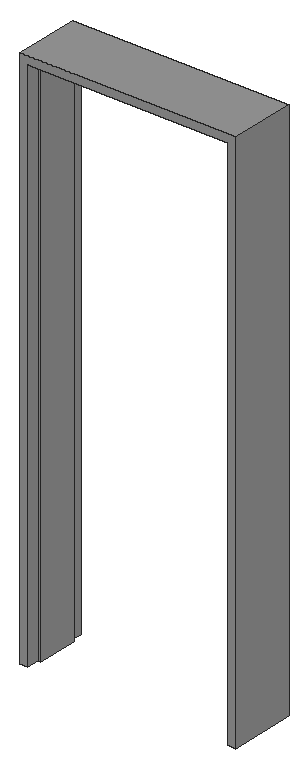
Revit family "J250DR762 (822x2082mm)", category Doors, host Wall, Revit 2013
Parameters (values of type "J250DR762 (822x2082mm)")
  Function = Interior
  Frame Projection Ext. = 25 mm
  Frame Projection Int. = 25 mm
  Frame Width = 75 mm
  Height = 2082 mm
  Wall Closure = By host
  Width = 822 mm
Reference planes
  plane 1: y = 0
  plane 2 "Center (Left/Right)": x = 0
  plane 3 "Left": x = -411
  plane 4 "Right": x = 411
  plane 5: z = 2082
  plane 6 "Exterior": y = 130
  plane 7 "Interior": y = -130
Forms (mm)
  Sweep 1, solid, material "Lauan, Meranti"
    path origin (0, 130, 0) x (1, 0, 0) y (0, 0, 1)
      loop
        line (411, 0) -> (411, 2082) -> (-411, 2082) -> (-411, 0)
    profile "Van Acht 250x42 Jambliner Profile : Van Acht 250x42 Jambliner Profile" origin (411, 130, 1041) x (-1, 0, 0) y (0, -1, 0)
      loop
        line (0, 5) -> (30, 5) -> (30, 50) -> (42, 50) -> (42, 210) -> (30, 210) -> (30, 255) -> (0, 255) -> (0, 5)
Lines and regions (mm)
  Opening 1
    outline origin (-3050, -130, 0) x (1, 0, 0) y (0, 0, 1)
      loop
        line (2639, 0) -> (3461, 0) -> (3461, 2082) -> (2639, 2082) -> (2639, 0)
  symbolic lines, style "Elevation Swing"
    curve 1: line (411, -130, 1041) -> (-411, -130, 2082)
    curve 2: line (411, -130, 1041) -> (-411, -130, 0)
  model lines
    curve 3: line (-381, 125, 0) -> (-381, 887, 0)
    curve 4: arc (-381, 887, 0) -> (157.815, 663.815, 0) -> (381, 125, 0) r 762
Text (mm)
  text "Exterior" at (-2295.016, 1099.543, 0), in view "Ref. Level"
  text "Exterior" at (0, 1615.38, 3698.081), in view "Left"
  text "Exterior" at (0, 1036.032, 3874.932), in view "Right"
Dimensions and locks
  equal spacing: plane 3 "Left", plane 2 "Center (Left/Right)", plane 4 "Right"
  "Width": plane 3 "Left" to plane 4 "Right"
  "Height": plane 5 to host wall
  equal spacing: host wall, curve 2, plane 5
  host wall to plane 5 = 2082 mm
  locked: plane 6 "Exterior" to host wall at 0
  locked: plane 7 "Interior" to host wall
  plane 3 "Left" to plane 4 "Right" = 822 mm
  aligned and locked: plane 3 "Left" to Opening 1 sketch curve
  aligned and locked: plane 5 to Opening 1 sketch curve  (x2)
  aligned and locked: Opening 1 sketch curve to plane 4 "Right"
  aligned and locked: Opening 1 sketch curve to level
  aligned and locked: plane 5 to curve 1
  aligned and locked: plane 3 "Left" to curve 2
  aligned and locked: plane 1 to host wall
  aligned and locked: plane 3 "Left" to curve 1
Automatic sketch dimensions
  plane 4 "Right" to Sweep 1 sketch curve = 0 mm
  Sweep 1 sketch curve to plane 5 = 0 mm
  plane 3 "Left" to Sweep 1 sketch curve = 0 mm
  Sweep 1 sketch curve to level = 0 mm  (x2)
  curve 2 to level = 0 mm
  plane 4 "Right" to curve 2 = 0 mm
  curve 3 to plane 3 "Left" = 30 mm
  curve 4 to host wall = 5 mm
  plane 4 "Right" to curve 4 = 30 mm
  curve 3 to curve 4 = 0 mm
